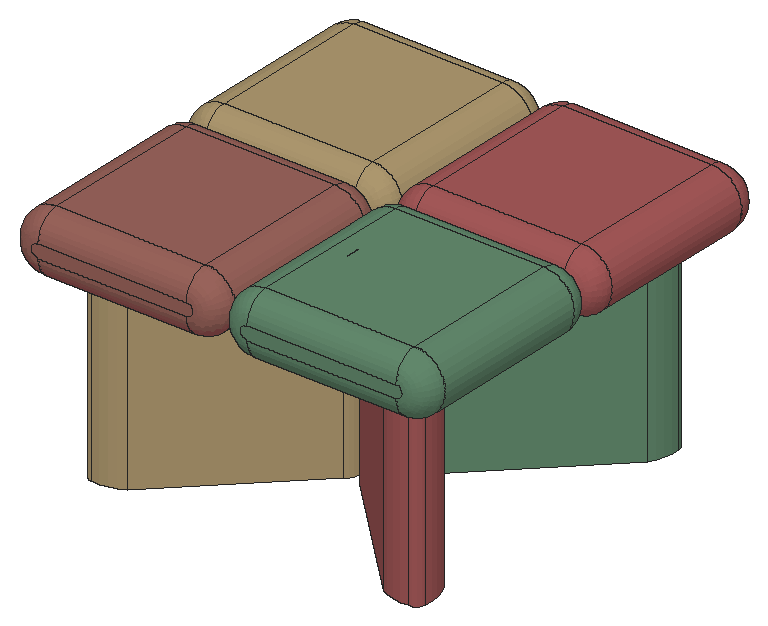
Revit family "Furniture_Sofa_Pillow 8.1", category Furniture, Revit 2019
Family settings
  OmniClass Number = 23.21.23.15.17
  Work Plane-Based = Yes
  Always vertical = No
  Cut with Voids When Loaded = No
  Shared = No
  Room Calculation Point = No
Parameters (values of type "PILLOW 8.1")
  Youtube clip = ""
  Uniformat II Description = "Movable Furnishings"
  Uniformat II Code = ""
  Uniclass 2015 Name = ""
  Uniclass 2015 Code = ""
  Uniclass 2.0 Description = ""
  Uniclass 2.0 Code = ""
  Uniclass 1.4 Description = ""
  Uniclass 1.4 Code = ""
  UNSPSC Code = ""
  Pillow 4 = Fabric - Percentege AK016
  Pillow 3 = Fabric - Multiply AK014
  Pillow 2 = Fabric - Fraction AK003
  Pillow 1 = Fabric - Divide AK015
  Frame 4 = Fabric - Divide AK015
  Frame 3 = Fabric - Fraction AK003
  Technical description = ""
  Frame 2 = Fabric - Multiply AK014
  Frame 1 = Fabric - Percentege AK016
  Region South America = "All"
  Region Oceania = "All"
  Region North America = "All"
  Region Middle East = "All"
  Region Europe = "All"
  Region Asia = "All"
  Region Antarctica = "All"
  Region Africa = "All"
  QR code = "https://www.sandlerseating.com/product/pillow-8-1/"
  Product url = "https://www.sandlerseating.com/product/pillow-8-1/"
  Product name = "PILLOW 8.1"
  Product group = "Chair"
  Product family = "Furniture"
  Product data url = "https://www.sandlerseating.com/product/pillow-8-1/"
  Product certification = ""
  Product SKU = "??"
  Product Guid = "??"
  OmniClass Description = ""
  OmniClass Code = "23-21 23 15 17"
  NBS Reference Description = ""
  NBS Reference Code = ""
  Model = "PILLOW 8.1"
  Masterformat 2014 Description = "Sofa Mats"
  Masterformat 2014 Code = "12 48 43.13"
  Manufacturer name = "Sandler"
  Manufacturer country = "USA"
  Manufacturer = "Sandler"
  Installation instructions = ""
  IFC Classification = "Furnishing Element"
  GTIN code = ""
  Edition number = 1
  Design country = "Brasil"
  Description = "Chair"
  Default Elevation = 0.000 mm
  Date of publishing = ""
  COBIe Type Category = ""
  Brand url = "https://www.sandlerseating.com/"
  BIMobject main category code = "furniture"
  BIMobject main category = "Furniture"
  BIMobject category code = "furniture-chair"
  BIMobject category = "Chair"
Reference planes
  plane 1 "Center Front/Back": y = 0
  plane 2: z = 0
  plane 3 "Center Left/Right": x = 0
  plane 4: x = -440
  plane 5: x = 440
  plane 6: y = -440
  plane 7: y = 440
  plane 8: z = 520
Forms (mm)
  Extrusion 1, solid, material "Fabric - Fraction AK003" <- "Frame 3"
    sketch origin (0, 0, 800) x (-1, 0, 0) y (0, -1, 0)
      loop
        arc (-16.508, -85.887) -> (-16.508, -15.176) -> (-87.219, -15.176) r 50
        line (-87.219, -15.176) -> (-340.074, -268.031)
        arc (-340.074, -268.031) -> (-352.138, -298.677) -> (-353.424, -331.586) r 98.499
        arc (-353.424, -331.586) -> (-347.418, -346.086) -> (-332.918, -352.092) r 20.506
        arc (-332.918, -352.092) -> (-300.009, -350.806) -> (-269.363, -338.742) r 98.499
        line (-269.363, -338.742) -> (-16.508, -85.887)
    from -800 to -405
  Extrusion 2, solid, material "Fabric - Multiply AK014" <- "Frame 2"
    sketch origin (0, 0, 800) x (-1, 0, 0) y (0, -1, 0)
      loop
        line (-16.508, 85.887) -> (-269.363, 338.742)
        arc (-269.363, 338.742) -> (-300.009, 350.806) -> (-332.918, 352.092) r 98.499
        arc (-332.918, 352.092) -> (-347.418, 346.086) -> (-353.424, 331.586) r 20.506
        arc (-353.424, 331.586) -> (-352.138, 298.677) -> (-340.074, 268.031) r 98.499
        line (-340.074, 268.031) -> (-87.219, 15.176)
        arc (-87.219, 15.176) -> (-16.508, 15.176) -> (-16.508, 85.887) r 50
    from -800 to -405
  Extrusion 3, solid, material "Fabric - Divide AK015" <- "Frame 4"
    sketch origin (0, 0, 800) x (1, 0, 0) y (0, 1, 0)
      loop
        line (-16.508, 85.887) -> (-269.363, 338.742)
        arc (-269.363, 338.742) -> (-300.009, 350.806) -> (-332.918, 352.092) r 98.499
        arc (-332.918, 352.092) -> (-347.418, 346.086) -> (-353.424, 331.586) r 20.506
        arc (-353.424, 331.586) -> (-352.138, 298.677) -> (-340.074, 268.031) r 98.499
        line (-340.074, 268.031) -> (-87.219, 15.176)
        arc (-87.219, 15.176) -> (-16.508, 15.176) -> (-16.508, 85.887) r 50
    from -800 to -405
  Extrusion 4, solid, material "Fabric - Percentege AK016" <- "Frame 1"
    sketch origin (0, 0, 800) x (1, 0, 0) y (0, 1, 0)
      loop
        arc (-16.508, -85.887) -> (-16.508, -15.176) -> (-87.219, -15.176) r 50
        line (-87.219, -15.176) -> (-340.074, -268.031)
        arc (-340.074, -268.031) -> (-352.138, -298.677) -> (-353.424, -331.586) r 98.499
        arc (-353.424, -331.586) -> (-347.418, -346.086) -> (-332.918, -352.092) r 20.506
        arc (-332.918, -352.092) -> (-300.009, -350.806) -> (-269.363, -338.742) r 98.499
        line (-269.363, -338.742) -> (-16.508, -85.887)
    from -800 to -405
Dimensions and locks
  aligned and locked: level to plane 2
Nested families
  nested 1: "Pillow" at (0, -240, 393), Pillow Material <- "Pillow 1", type "Pillow"
    with Pillow Material Fabric - Divide AK015
  nested 2: "Pillow" at (0, -240, 393) x (-1, 0, 0) z (0, 0, 1), Pillow Material <- "Pillow 2", type "Pillow"
    with Pillow Material Fabric - Fraction AK003
  nested 3: "Pillow" at (0, 240, 393), Pillow Material <- "Pillow 4", type "Pillow"
    with Pillow Material Fabric - Percentege AK016
  nested 4: "Pillow" at (0, 240, 393) x (-1, 0, 0) z (0, 0, 1), Pillow Material <- "Pillow 3", type "Pillow"
    with Pillow Material Fabric - Multiply AK014
Definition of nested family "Pillow"
  Parameters (values of type "Pillow")
    Pillow Material [instance] = none
  Reference planes
    plane 1 "Center (Front/Back)": y = 0
    plane 2: z = 0
    plane 3 "Center (Left/Right)": x = 0
  Forms (mm)
    Extrusion 1, solid, material <- "Pillow Material"
      sketch origin (0, 240, 0) x (1, 0, 0) y (0, 0, 1)
        loop
          line (-376.5, 0) -> (-63.5, 0)
          arc (-63.5, 0) -> (0, 63.5) -> (-63.5, 127) r 63.5
          line (-63.5, 127) -> (-376.5, 127)
          arc (-376.5, 127) -> (-440, 63.5) -> (-376.5, 0) r 63.5
      from 0 to 440
    Sweep 2, void
      path in 3D
        loop
          arc (-376.5, -200, 127) -> (-440, -200, 63.5) -> (-376.5, -200, 0) r 63.5
          line (-376.5, -200, 0) -> (-63.5, -200, 0)
          arc (-63.5, -200, 0) -> (0, -200, 63.5) -> (-63.5, -200, 127) r 63.5
          line (-63.5, -200, 127) -> (-376.5, -200, 127)
      profile origin (-220, -200, 127) x (0, -1, 0) y (0, 0, 1)
        loop
          line (0, 0) -> (-50, 0)
          arc (-50, 0) -> (-14.645, -14.645) -> (0, -50) r 50
          line (0, -50) -> (0, 0)
    Sweep 3, void
      path in 3D
        loop
          arc (-63.5, 240, 127) -> (0, 240, 63.5) -> (-63.5, 240, 0) r 63.5
          line (-63.5, 240, 0) -> (-376.5, 240, 0)
          arc (-376.5, 240, 0) -> (-440, 240, 63.5) -> (-376.5, 240, 127) r 63.5
          line (-376.5, 240, 127) -> (-63.5, 240, 127)
      profile origin (-220, 240, 127) x (0, 1, 0) y (0, 0, 1)
        loop
          line (0, 0) -> (-50, 0)
          arc (-50, 0) -> (-14.645, -14.645) -> (0, -50) r 50
          line (0, -50) -> (0, 0)
  Cuts and joins
    Sweep 2, Sweep 3 cuts Extrusion 1
  Lines and regions (mm)
    sketch lines
      curve 1: line (-63.5, -200, 127) -> (-376.5, -200, 127)
      curve 2: arc (-63.5, -200, 127) -> (0, -200, 63.5) -> (-63.5, -200, 0) r 63.5
      curve 3: line (-376.5, -200, 0) -> (-63.5, -200, 0)
      curve 4: arc (-376.5, -200, 0) -> (-440, -200, 63.5) -> (-376.5, -200, 127) r 63.5
      curve 5: line (-376.5, 240, 127) -> (-63.5, 240, 127)
      curve 6: arc (-376.5, 240, 127) -> (-440, 240, 63.5) -> (-376.5, 240, 0) r 63.5
      curve 7: line (-63.5, 240, 0) -> (-376.5, 240, 0)
      curve 8: arc (-63.5, 240, 0) -> (0, 240, 63.5) -> (-63.5, 240, 127) r 63.5
  Dimensions and locks
    aligned and locked: level to plane 2
